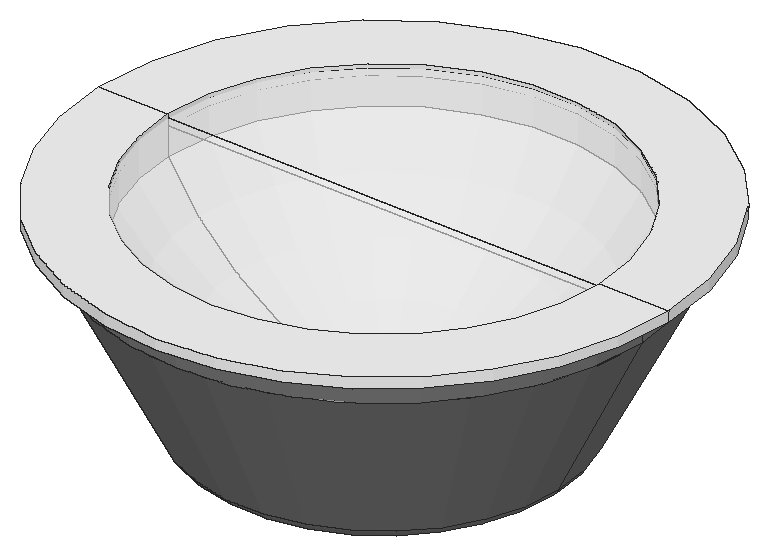
Revit family "30504", category Lighting Fixtures, host Face, Revit 2018
Family settings
  Host = Face
  Round Connector Dimension = Use Diameter
  Part Type = Normal
  OmniClass Number = 23.80.70.00
  OmniClass Title = Lighting
  Cut with Voids When Loaded = No
  Light Source = Yes
  Shared = No
  Room Calculation Point = No
Parameters (values of type "0030504 INSAVER SLIM UGR19 IP44 205 2350LM 830")
  WidthBezel_SYL = if(Size1_SYL, 20 mm, if(Size2_SYL, 20 mm, if(Size3PIR_SYL, 30 mm, if(Size4_SYL, 20 mm, 20 mm))))  # 20 mm
  Weight = "n/a"
  Wattage Comments = ""
  Wattage = 9 W
  WarrantyStartDate [instance] = "n/a"
  WarrantyGuarantorParts = "n/a"
  WarrantyDurationUnit = "n/a"
  WarrantyDurationParts = ""
  WarrantyDescription = "http://www.sylvania-lighting.com"
  built-in parameter 1150110 = 1 (stored number, unit not read)
  Voltage = 230 V
  VisibilityPIR_SYL = Size3PIR_SYL  # no
  URL = "0.9"
  TypeName = "Insaver Slim UGR19 IP44 205 2350LM 830"
  Type Image = <None>
  Type Comments = "n/a"
  built-in parameter 1114217 = 1 (stored number, unit not read)
  Tilt Angle = -90.00°
  built-in parameter 1150109 = 1 (stored number, unit not read)
  built-in parameter 1150134 = (empty or 0)
  built-in parameter 1150113 = 1 (stored number, unit not read)
  Size4_SYL = no
  Size3PIR_SYL = no
  Size2_SYL = no
  Size1_SYL = yes
  SerialNumber [instance] = "n/a"
  RadiusTop_SYL = 6 mm
  RadiusReflector_SYL = if(Size1_SYL, 85 mm, if(Size2_SYL, 85 mm, if(Size3PIR_SYL, 85 mm, if(Size4_SYL, 100 mm, 120 mm))))  # 85 mm
  Photometric Web File = "0030504.IES"
  Material_3_FEILO = Top-Sylvania-STARTDownlight
  PowerFactor = 0.9
  PowerConsumption = "Lighting"
  NominalLength = 165 mm
  NominalHeight = 50 mm
  NominalDepth = 165 mm
  Name = "Insaver Slim UGR19 IP44 205 2350LM 830"
  ModelReference = Name  # "Insaver Slim UGR19 IP44 205 2350LM 830"
  ModelNumber = "0030504"
  Model = Name  # "Insaver Slim UGR19 IP44 205 2350LM 830"
  Material = "Feilo Sylvania"
  ManufacturerName = "118 lm/W"
  Manufacturer = ""
  LuminousEfficacy = ""
  built-in parameter 1150105 = 83.795 (stored number, unit not read)
  Lumens = 1053 lm
  LuminaireType = "0"
  built-in parameter 1150115 = 1 (stored number, unit not read)
  LightOutputRatio = "LED"
  built-in parameter 1150137 = (empty or 0)
  built-in parameter 1150139 = (empty or 0)
  LampsType = Lamp  # "n/a"
  LampNominalLuminous = "3000 K"
  LampMacAdamStep = "80"
  LampColourTemperature = "LED"
  LampColourRenderingIndex = "16500"
  built-in parameter 1150112 = 1 (stored number, unit not read)
  built-in parameter 1150114 = 1 (stored number, unit not read)
  Lamp = "n/a"
  Keynote = "n/a"
  InstallationDate [instance] = "n/a"
  InputVoltage = "0"
  InputNominalFrequency = "3000"
  built-in parameter 1150132 = (empty or 0)
  built-in parameter 1150102 = (empty or 0)
  built-in parameter 1150107 = 3000 (stored number, unit not read)
  built-in parameter 1150138 = (empty or 0)
  IngressProtection = "IfcLightFixtureType"
  ImpactProtectionIndex = "IfcLightFixtureType"
  built-in parameter 1150106 = 0.83795 (stored number, unit not read)
  IfcExportType = "IfcLightFixtureType"
  IfcExportAs = "Class II"
  Height_SYL = if(Size1_SYL, 61 mm, if(Size2_SYL, 61 mm, if(Size3PIR_SYL, 61 mm, if(Size4_SYL, 61 mm, 60 mm))))  # 61 mm
  HeightBezel_SYL = if(Size1_SYL, 3 mm, if(Size2_SYL, 3 mm, if(Size3PIR_SYL, 3 mm, if(Size4_SYL, 3.2 mm, 3 mm))))  # 3 mm
  ExpectedLife = 50000
  Emit from Circle Diameter = Diameter_SYL - 40 mm  # 125 mm
  Emit Shape Visible in Rendering = no
  ElectricShockClassification = "118"
  built-in parameter 1150104 = 10.87 (stored number, unit not read)
  DurationUnit = "hours"
  DocumentationLiterature = "http://www.sylvania-lighting.com/product/en-int/products/0030504"
  DimmingControlOptions = "n/a"
  Material_2_FEILO = Diffuser-Sylvania-STARTDownlight
  Dimming Lamp Color Temperature Shift = <None>
  Diameter_SYL = if(Size1_SYL, 165 mm, if(Size2_SYL, 190 mm, if(Size3PIR_SYL, 211 mm, if(Size4_SYL, 220 mm, 240 mm))))  # 165 mm
  DiameterTop_SYL = if(Size1_SYL, 98 mm, if(Size2_SYL, 122 mm, if(Size3PIR_SYL, 120 mm, if(Size4_SYL, 135 mm, 158 mm))))  # 98 mm
  DiameterTopBase_SYL = DiameterRecess_SYL  # 150 mm
  DiameterRecess_SYL = if(Size1_SYL, 150 mm, if(Size2_SYL, 170 mm, if(Size3PIR_SYL, 186 mm, if(Size4_SYL, 200 mm, 225 mm))))  # 150 mm
  Description = "Insaver Slim is a ceiling recessed LED downlight (IP44 from the front),Die-cast aluminium body, loop in loop out connector for quick installation, Non dimmable LED driver, 20W; 2350lm; 118lm/W; 3000K; UGR <19 with shallow product depth 60mm. Meets TP(a) requirements."
  Default Elevation = 1219.2 mm
  CreatedOn = "05/03/2024"
  CreatedBy = "@sylvania-lighting.com"
  Cost = 0
  Color Filter = 16777215
  built-in parameter 1114216 [instance] = (empty or 0)
  ClassificationValue = "EF_70_80"
  ClassificationName = "Uniclass2015"
  Material_1_FEILO = Trim-Sylvania-STARTDownlight-White
  BarCode [instance] = "n/a"
  built-in parameter 1114218 = 1 (stored number, unit not read)
  built-in parameter 1150133 = 10 (stored number, unit not read)
  AssetType = "Fixed"
  AssetIdentifier [instance] = "n/a"
  Assembly Code = "D5020200"
  Apparent Load = 20 VA
  Material_4_FEILO = LED-Sylvania-STARTDownlight
Reference planes
  plane 1 "Center (Front/Back)": y = 0
  plane 2: z = 0
  plane 3 "Center (Left/Right)": x = 0
  plane 4: x = 82.5
  plane 5: x = -82.5
  plane 6: z = 3
  plane 7: z = -8
  plane 8: z = -58
  plane 9: x = -75
  plane 10: x = 75
  plane 11: x = -49
  plane 12: x = 49
  plane 13: z = -85
  plane 14: x = -62.5
  plane 15: z = 2
  plane 16: z = -46
  plane 17: x = -16
  plane 18: x = -67.5
  plane 19: x = -81.5
  plane 20: x = -99.5
  plane 21: x = -76.5
  plane 22: z = 5.5
  plane 23: z = 8.7
  plane 24: x = -75.5
  plane 25: z = 13.7
Forms (mm)
  Revolve 1, void
    sketch origin (0, 0, 0) x (1, 0, 0) y (0, 0, 1)
      loop
        line (0, 0) -> (-75, 0) -> (-75, -85) -> (0, -85) -> (0, 0)
      axis (0, 0) -> (0, -85)
    angle from 360 to 0
  Revolve 2, solid, material "Trim-Sylvania-STARTDownlight-White" <- "Material_1_FEILO"
    sketch origin (0, 0, 0) x (1, 0, 0) y (0, 0, 1)
      loop
        line (-62.5, 3) -> (-82.5, 3) -> (-82.5, 0) -> (-75, 0) -> (-75, -8) -> (-50.681, -54.768)
        arc (-50.681, -54.768) -> (-48.471, -57.129) -> (-45.357, -58) r 6
        line (-45.357, -58) -> (0, -58) -> (0, -46) -> (-16, -46)
        arc (-16, -46) -> (-42.718, -31.243) -> (-62.5, -8) r 85
        line (-62.5, -8) -> (-62.5, 3)
      axis (0, 3) -> (0, -58)
    angle from 360 to 0
  Revolve 3, solid, material "Diffuser-Sylvania-STARTDownlight" <- "Material_2_FEILO"
    sketch origin (0, 0, 0) x (1, 0, 0) y (0, 0, 1)
      loop
        line (-62.5, 0) -> (0, 0) -> (0, 2) -> (-62.5, 2) -> (-62.5, 0)
      axis (0, 2) -> (0, 0)
    angle from 360 to 0
  Revolve 4, solid, material "Trim-Sylvania-STARTDownlight-White" <- "Material_1_FEILO", visible <- "VisibilityPIR_SYL"
    sketch origin (0, 0, 0) x (1, 0, 0) y (0, 0, 1)
      loop
        line (-67.5, 3) -> (-67.5, 13.7)
        arc (-67.5, 13.7) -> (-72.217, 12.347) -> (-75.5, 8.7) r 8.9
        line (-75.5, 8.7) -> (-75.5, 5.5) -> (-76.5, 5.5) -> (-76.5, 3) -> (-67.5, 3)
      axis (-67.5, 13.7) -> (-67.5, 3)
    angle from 360 to 0
Dimensions and locks
  equal spacing: plane 4, plane 3 "Center (Left/Right)", plane 5
  "Diameter_SYL": plane 4 to plane 5
  equal spacing: plane 10, plane 3 "Center (Left/Right)", plane 9
  equal spacing: plane 12, plane 3 "Center (Left/Right)", plane 11
  "DiameterTop_SYL": plane 12 to plane 11
  "HeightBezel_SYL": plane 6 to plane 2
  "Height_SYL": plane 6 to plane 8
  locked: plane 2 to plane 7 at 8
  locked: plane 2 to plane 13 at 85
  "WidthBezel_SYL": plane 14 to plane 5
  locked: plane 6 to plane 15 at 1
  "DiameterRecess_SYL": plane 10 to plane 9
  locked: plane 3 "Center (Left/Right)" to plane 17 at 16
  locked: plane 16 to plane 8 at 12
  locked: plane 18 to plane 21 at 9
  locked: plane 22 to plane 6 at 2.5
  locked: plane 23 to plane 22 at 3.2
  locked: plane 18 to plane 24 at 8
  locked: plane 25 to plane 23 at 5
  locked: plane 25 to Revolve 4 sketch curve at 8.9
  locked: plane 18 to plane 5 at 15
  "RadiusReflector_SYL": radius of Revolve 2 sketch curve
  "RadiusTop_SYL": radius of Revolve 2 sketch curve
  aligned and locked: plane 2 to host face
  aligned and locked: level to host face
  aligned and locked: Revolve 1 sketch curve to plane 3 "Center (Left/Right)"
  aligned and locked: plane 3 "Center (Left/Right)" to Revolve 1 sketch curve
  aligned and locked: Revolve 1 sketch curve to plane 9
  aligned and locked: plane 13 to Revolve 1 sketch curve
  aligned and locked: plane 3 "Center (Left/Right)" to imposter light
  aligned and locked: imposter light to plane 15
  aligned and locked: imposter light to plane 1 "Center (Front/Back)"
  aligned and locked: Revolve 2 sketch curve to plane 3 "Center (Left/Right)"
  aligned and locked: Revolve 2 sketch curve to plane 6
  aligned and locked: Revolve 2 sketch curve to plane 5
  aligned and locked: Revolve 2 sketch curve to level
  aligned and locked: plane 7 to Revolve 2 sketch curve  (x2)
  aligned and locked: Revolve 2 sketch curve to plane 9
  aligned and locked: plane 8 to Revolve 2 sketch curve
  aligned and locked: Revolve 2 sketch curve to plane 14
  aligned and locked: plane 3 "Center (Left/Right)" to Revolve 2 sketch curve
  aligned and locked: Revolve 2 sketch curve to plane 16
  aligned and locked: Revolve 3 sketch curve to plane 3 "Center (Left/Right)"
  aligned and locked: Revolve 3 sketch curve to level
  aligned and locked: imposter light to Revolve 3 sketch curve  (x2)
  aligned and locked: Revolve 4 sketch curve to plane 18  (x2)
  aligned and locked: Revolve 4 sketch curve to plane 6
  aligned and locked: plane 22 to Revolve 4 sketch curve
  aligned and locked: plane 24 to Revolve 4 sketch curve
  aligned and locked: Revolve 4 sketch curve to Revolve 4 sketch curve
  aligned and locked: plane 21 to Revolve 4 sketch curve
Automatic sketch dimensions
  host sketch curve to host sketch curve = 2438.4 mm  (x2)
  plane 13 to Revolve 1 sketch curve = 524.6 mm
  Revolve 1 sketch curve to plane 6 = 2606.058 mm
  Revolve 1 sketch curve to level = 0 mm
  Revolve 2 sketch curve to plane 17 = 0 mm
  Revolve 2 sketch curve to plane 11 = 1.681 mm
  plane 11 to Revolve 2 sketch curve = 3.643 mm
  plane 13 to Revolve 2 sketch curve = 524.6 mm
  Revolve 2 sketch curve to Revolve 2 sketch curve = 2577.983 mm
  Revolve 3 sketch curve to plane 14 = 0 mm
  plane 13 to Revolve 3 sketch curve = 524.6 mm
  Revolve 3 sketch curve to plane 6 = 2606.058 mm
  Revolve 4 sketch curve to plane 23 = 0 mm
  plane 13 to Revolve 4 sketch curve = 524.6 mm
  Revolve 4 sketch curve to Revolve 4 sketch curve = 2595.358 mm
Connectors
  electrical at (0, 0, 0), driven by "Apparent Load", driven by "PowerFactor", driven by "Voltage"
    settings: index 1, voltage 230 V, apparent load 20 VA, apparent load phase1 0 VA, apparent load phase2 0 VA, apparent load phase3 0 VA, power factor 0.9, load classification "Lighting", number of poles 1, system type 30, power factor state 1, is connector primary yes, connector utility no, sub classification motor no, connector description ""
